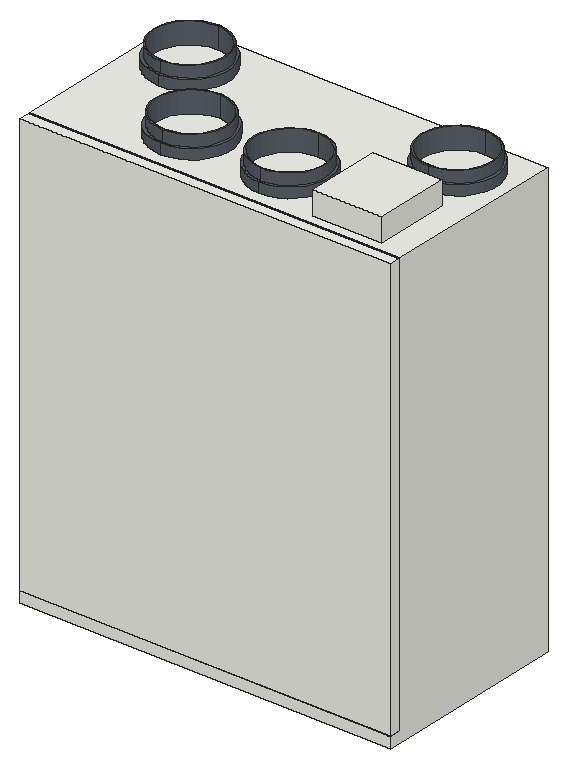
Revit family "Salda Indoor Vertical AHU.Smarty Series", category Mechanical Equipment, Revit 2016
Family settings
  Part Type = Normal
  Round Connector Dimension = Use Diameter
  OmniClass Number = 23.75.35.14.11
  OmniClass Title = Built-Up Indoor Air Handling Units
  Work Plane-Based = Yes
  Always vertical = Yes
  Cut with Voids When Loaded = No
  Shared = No
  Room Calculation Point = No
Parameters (values of type "Smarty 2X V 1.1")
  Voltage = 230 V
  Unit Mass = 39.00 kg
  Type = 2
  Service Zone Width = Overall Width * 1.5  # 474 mm
  L4 = 242 mm
  Power = 670 W
  Overall Width = 316 mm
  Overall Length = 595 mm
  Overall Height = Module Height + Connector Height  # 732 mm
  URL = "http://salda.lt/en/products/item/5637248834"
  Supply Air [instance] = 0.0 m³/h
  Return Air [instance] = 0.0 m³/h
  Module Height = 697 mm
  Model = "Smarty 2X V 1.1"
  Maximum Flow Rate = 211.0 m³/h
  Manufacturer = "Salda"
  Keynote = ""
  L1 = 83 mm
  L3 = 195 mm
  L2 = 82 mm
  Service Zone [instance] = no
  Electrical Box Length = 120 mm
  Drainage Pipe Front Offset = 156 mm
  Default Elevation = 1219.2 mm
  Current = 3.35 A
  Connector Height = 35 mm
  Connector D150 [instance] = no
  Connector D100 [instance] = no
  Connector Back Horizontal Offset = 79 mm
  Connector Diameters [instance] = if(and(Connector D100, Type = 2), 100 mm, if(and(not(Connector D100), Type = 2), 125 mm, if(and(Connector D150, or(Type = 3, Type = 4)), 150 mm, 160 mm)))  # 125 mm
  Connector Front Horizontal Offset = 82 mm
  Drainage Pipe Right Offset = 209 mm
Types (7, lengths in mm): name | Type | Service Zone Width | L4 | Power | Overall Width | Overall Length | Overall Height | URL | Module Height | Model | Maximum Flow Rate | L1 | L3 | L2 | Electrical Box Length | Drainage Pipe Front Offset | Current | Connector Height | Connector Back Horizontal Offset | Connector Diameters | Connector Front Horizontal Offset | Drainage Pipe Right Offset
  (no name) | 2 | 474 | 242 | 670 W | 316 | 595 | 732 | "http://salda.lt/en/products/item/5637248834" | 697 | "Smarty 2X V 1.1" | 211.0 m³/h | 83 | 195 | 82 | 120 | 156 | 3.35 A | 35 | 79 | 125 | 82 | 209
  Smarty 3X V 1.1 | 3 | 807 | 265 | 1370 W | 538 | 599 | 890 | "http://salda.lt/en/products/item/5637251076" | 810 | "Smarty 3X V 1.1" | 445.0 m³/h | 110 | 110 | 113 | 183 | 408 | 6.75 A | 80 | 170 | 160 | 116 | 258
  Smarty 3X V 1.2 | 3 | 807 | 265 | 170 W | 538 | 599 | 890 | "http://salda.lt/en/products/item/5637251077" | 810 | "Smarty 3X V 1.2" | 445.0 m³/h | 110 | 110 | 113 | 183 | 408 | 1.55 A | 80 | 170 | 160 | 116 | 258
  Smarty 4X V 1.1 | 4 | 807 | 265 | 1620 W | 538 | 599 | 890 | "http://salda.lt/en/products/item/5637275829" | 810 | "Smarty 4X V 1.1" | 595.0 m³/h | 110 | 110 | 113 | 183 | 284 | 7.09 A | 80 | 170 | 160 | 116 | 193
  Smarty 4X V 1.2 | 4 | 807 | 265 | 420 W | 538 | 599 | 890 | "http://salda.lt/en/products/item/5637275830" | 810 | "Smarty 4X V 1.2" | 595.0 m³/h | 110 | 110 | 113 | 183 | 284 | 1.89 A | 80 | 170 | 160 | 116 | 193
  Smarty 2X V 1.1 | 2 | 474 | 242 | 670 W | 316 | 595 | 732 | "http://salda.lt/en/products/item/5637248834" | 697 | "Smarty 2X V 1.1" | 211.0 m³/h | 83 | 195 | 82 | 120 | 156 | 3.35 A | 35 | 79 | 125 | 82 | 209
  Smarty 2X V 1.2 | 2 | 474 | 242 | 70 W | 316 | 595 | 732 | "http://salda.lt/en/products/item/5637248835" | 697 | "Smarty 2X V 1.2" | 211.0 m³/h | 83 | 195 | 82 | 120 | 156 | 0.75 A | 35 | 79 | 125 | 82 | 209
Reference planes
  plane 1 "Center (Front/Back)": y = 0
  plane 2: z = 0
  plane 3 "Center (Left/Right)": x = 0
  plane 4 "Left": x = -297.5
  plane 5 "Back": y = 158
  plane 6 "Front": y = -158
  plane 7 "Right": x = 297.5
  plane 8 "Top": z = 697
  plane 9 "Cover": y = -139
  plane 10 "Back Connectors": y = 79
  plane 11 "Front Connectors": y = -57
  plane 12: x = -214.5
  plane 13: x = 215.5
  plane 14: x = -102.5
  plane 15: x = 55.5
  plane 16 "Service Zone": y = -632
Forms (mm)
  Extrusion 1, solid, material "Salda. White Metal Paint"
    sketch origin (-297.5, 0, 0) x (0, 1, 0) y (0, 0, 1)
      loop
        line (-158, 0) -> (158, 0) -> (158, 697) -> (-139, 697) -> (-139, 17) -> (-158, 17) -> (-158, 0)
    from 0 to 595
  Extrusion 2, solid, material "Salda. White Metal Paint"
    sketch origin (-297.5, 0, 0) x (0, 1, 0) y (0, 0, 1)
      loop
        line (-158, 697) -> (-158, 18) -> (-141, 18) -> (-141, 697) -> (-158, 697)
    from 0 to 595
  Extrusion 3, solid, material "Salda. White Metal Paint", detail levels fine
    sketch origin (0, 0, 697) x (-1, 0, 0) y (0, -1, 0)
      loop
        line (-145.5, 3) -> (-145.5, 123) -> (-255.5, 123) -> (-255.5, 3) -> (-145.5, 3)
    from 0 to 38
  Extrusion 4, solid, material "Salda. Service Zone", visible <- "Service Zone"
    sketch origin (-297.5, 0, 0) x (0, 1, 0) y (0, 0, 1)
      loop
        line (-158, 18) -> (-158, 697) -> (-632, 697) -> (-632, 18) -> (-158, 18)
    from 0 to 595
Dimensions and locks
  equal spacing: plane 4 "Left", plane 3 "Center (Left/Right)", plane 7 "Right"
  "Overall Length": plane 4 "Left" to plane 7 "Right"
  equal spacing: plane 5 "Back", plane 1 "Center (Front/Back)", plane 6 "Front"
  "Overall Width": plane 6 "Front" to plane 5 "Back"
  "Module Height": plane 8 "Top" to plane 2
  locked: Extrusion 1 sketch curve to plane 2 at 17
  plane 9 "Cover" to plane 6 "Front" = 19 mm
  locked: Extrusion 2 sketch curve to Extrusion 2 sketch curve at 17
  Extrusion 2 sketch curve to plane 2 = 18 mm
  "L1": plane 4 "Left" to plane 12
  "L2": plane 13 to plane 7 "Right"
  "Connector Front Horizontal Offset": plane 9 "Cover" to plane 11 "Front Connectors"
  "Connector Back Horizontal Offset": plane 5 "Back" to plane 10 "Back Connectors"
  "L3": plane 4 "Left" to plane 14
  "L4": plane 15 to plane 7 "Right"
  plane 2 to Extrusion 2 = 18 mm
  "Drainage Pipe Front Offset": plane 6 "Front" to nested 5
  "Drainage Pipe Right Offset": nested 5 to plane 7 "Right"
  Extrusion 3 sketch curve to plane 7 "Right" = 42 mm
  plane 6 "Front" to Extrusion 3 sketch curve = 35 mm
  "Electrical Box Length": Extrusion 3 sketch curve to Extrusion 3 sketch curve
  plane 15 to Extrusion 3 sketch curve = 90 mm
  "Service Zone Width": plane 16 "Service Zone" to plane 6 "Front"
  Extrusion 4 to plane 2 = 18 mm
  aligned and locked: level to plane 2
  aligned and locked: Extrusion 1 sketch curve to plane 8 "Top"
  aligned and locked: Extrusion 1 sketch curve to plane 5 "Back"
  aligned and locked: level to Extrusion 1 sketch curve
  aligned and locked: Extrusion 1 sketch curve to plane 6 "Front"
  aligned and locked: Extrusion 1 to plane 7 "Right"
  aligned and locked: Extrusion 1 to plane 4 "Left"
  aligned and locked: Extrusion 1 sketch curve to plane 9 "Cover"
  aligned and locked: Extrusion 2 sketch curve to plane 8 "Top"
  aligned and locked: Extrusion 2 sketch curve to plane 6 "Front"
  aligned and locked: Extrusion 2 to plane 7 "Right"
  aligned and locked: Extrusion 2 to plane 4 "Left"
  aligned and locked: nested 1 to plane 12
  aligned and locked: nested 1 to plane 10 "Back Connectors"
  aligned and locked: nested 3 to plane 11 "Front Connectors"
  aligned and locked: nested 4 to plane 11 "Front Connectors"
  aligned and locked: nested 3 to plane 14
  aligned and locked: nested 4 to plane 15
  aligned and locked: nested 2 to plane 10 "Back Connectors"
  aligned and locked: nested 2 to plane 13
  aligned and locked: plane 6 "Front" to Extrusion 4 sketch curve
  aligned and locked: Extrusion 4 sketch curve to plane 8 "Top"
  aligned and locked: Extrusion 4 sketch curve to plane 16 "Service Zone"
Automatic sketch dimensions
  level to Extrusion 4 sketch curve = 18 mm
Nested families
  nested 1: "Duct Connector Vertical" at (-214.5, 79, 697) x (0, -1, 0) z (0, 0, 1), type "Duct Connector Vertical"
    with Top Part Height 18 mm, Connector Radius 62.5 mm, Camera Type 2, Bottom Part Height 16 mm
  nested 2: "Duct Connector Vertical" at (215.5, 79, 697) x (0, -1, 0) z (0, 0, 1), type "Duct Connector Vertical"
    with Top Part Height 18 mm, Connector Radius 62.5 mm, Camera Type 2, Bottom Part Height 16 mm
  nested 3: "Duct Connector Vertical" at (-102.5, -57, 697) x (0, -1, 0) z (0, 0, 1), type "Duct Connector Vertical"
    with Top Part Height 18 mm, Connector Radius 62.5 mm, Camera Type 2, Bottom Part Height 16 mm
  nested 4: "Duct Connector Vertical" at (55.5, -57, 697) x (0, -1, 0) z (0, 0, 1), type "Duct Connector Vertical"
    with Top Part Height 18 mm, Connector Radius 62.5 mm, Camera Type 2, Bottom Part Height 16 mm
  nested 5: "Pipe Connector" at (88.5, -2, 0), type "Pipe Connector", detail levels fine
Connectors
  hvac at (-214.5, 79, 731), driven by "Connector Diameters"
    settings: on nested 1, index 1, duct flow 0.0 m³/h, flow factor 0, pres drop 0.0 Pa, loss coef 0, conn angle 0.00°, conn width 304.8 mm, conn height 304.8 mm, conn diameter 125 mm, duct sys type 4, conn prof type 0, flow config 0, flow direction 1, loss method 0, conn ref index 3, conn util no, is conn primary yes, conn desc "Fresh Air"
  hvac at (-102.5, -57, 731), driven by "Return Air", driven by "Connector Diameters"
    settings: on nested 3, index 2, duct flow 0.0 m³/h, flow factor 0, pres drop 0.0 Pa, loss coef 0, conn angle 0.00°, conn width 304.8 mm, conn height 304.8 mm, conn diameter 125 mm, duct sys type 2, conn prof type 0, flow config 0, flow direction 1, loss method 0, conn ref index 4, conn util no, is conn primary no, conn desc "Extract Air"
  hvac at (55.5, -57, 731), driven by "Supply Air", driven by "Connector Diameters"
    settings: on nested 4, index 3, duct flow 0.0 m³/h, flow factor 0, pres drop 0.0 Pa, loss coef 0, conn angle 0.00°, conn width 304.8 mm, conn height 304.8 mm, conn diameter 125 mm, duct sys type 1, conn prof type 0, flow config 0, flow direction 2, loss method 0, conn ref index 1, conn util no, is conn primary no, conn desc "Supply Air"
  hvac at (215.5, 79, 731), driven by "Connector Diameters"
    settings: on nested 2, index 4, duct flow 0.0 m³/h, flow factor 0, pres drop 0.0 Pa, loss coef 0, conn angle 0.00°, conn width 304.8 mm, conn height 304.8 mm, conn diameter 125 mm, duct sys type 3, conn prof type 0, flow config 0, flow direction 2, loss method 0, conn ref index 2, conn util no, is conn primary no, conn desc "Exhaust Air"
  piping at (88.5, -2, -16.664), diameter 20
    settings: on nested 5, index 5, connector inside diameter 609.6 mm, connector length 0 mm, flow factor 0, pipe flow 0.0 L/s, pressure drop 0.0 Pa, fitting loss kfactor 0, connector angle 0.00°, fixture units 0, engagement length 0 mm, angle of deflection 0.00°, flow configuration 0, flow direction 2, fitting loss method 0, system type 16, joint type 0, gender type 0, connector reference index -1, connector utility 0, adjustable connector no, is connector primary yes, connector description ""
  electrical at (200.5, -63, 735), driven by "Voltage", driven by "Power"
    settings: on Extrusion 3, index 6, voltage 230 V, apparent load 0 VA, apparent load phase1 670 VA, apparent load phase2 0 VA, apparent load phase3 0 VA, power factor 1, load classification "HVAC", number of poles 1, system type 31, power factor state 1, is connector primary yes, connector utility no, sub classification motor no, connector description ""
Definition of nested family "Duct Connector Vertical"
  Parameters (values of type "Duct Connector Vertical")
    Top Part Height = if(or(Camera Type = 3, Camera Type = 4), 42 mm, 18 mm)  # 42 mm
    Default Elevation = 1219.2 mm
    Connector Radius = if(or(Camera Type = 3, Camera Type = 4), 80 mm, 62.5 mm)  # 80 mm
    Camera Type = 3
    Bottom Part Height = if(or(Camera Type = 3, Camera Type = 4), 38 mm, 16 mm)  # 38 mm
  Reference planes
    plane 1 "Center (Front/Back)": y = 0
    plane 2: z = 0
    plane 3 "Center (Left/Right)": x = 0
  Forms (mm)
    Extrusion 1, solid
      sketch origin (0, 0, 0) x (1, 0, 0) y (0, 1, 0)
        loop
          line (-1219.2, 1219.2) -> (-1219.2, -1219.2) -> (1219.2, -1219.2) -> (1219.2, 1219.2) -> (-1219.2, 1219.2)
      from 0 to -304.8
    Revolve 2, solid
      sketch origin (0, 0, 0) x (1, 0, 0) y (0, 0, 1)
        loop
          line (73.5, 0) -> (80, 0) -> (80, 38) -> (75.456, 38) -> (75.456, 80) -> (73.5, 80) -> (73.5, 0)
        axis (0, 80) -> (0, 0)
      angle from 0 to 360
  Dimensions and locks
    "Bottom Part Height": Revolve 2 sketch curve to plane 2
    "Top Part Height": Revolve 2 sketch curve to Revolve 2 sketch curve
    "Connector Radius": Revolve 2 sketch curve to plane 3 "Center (Left/Right)"
    aligned and locked: plane 2 to Extrusion 1
    aligned and locked: level to Extrusion 1
    aligned and locked: plane 2 to Revolve 2
  Automatic sketch dimensions
    Extrusion 1 sketch curve to Extrusion 1 sketch curve = 2438.4 mm  (x2)
    Revolve 2 sketch curve to plane 3 "Center (Left/Right)" = 0 mm
    Revolve 2 sketch curve to level = 0 mm
    Revolve 2 sketch curve to Revolve 2 sketch curve = 6.5 mm
    Revolve 2 sketch curve to Revolve 2 sketch curve = 1.956 mm
    Revolve 2 sketch curve to level = 609.6 mm
    Revolve 2 sketch curve to Revolve 2 sketch curve = 2530.914 mm
Definition of nested family "Pipe Connector"
  Reference planes
    plane 1 "Center (Front/Back)": y = 0
    plane 2: z = 0
    plane 3 "Center (Left/Right)": x = 0
  Forms (mm)
    Revolve 1, solid
      sketch origin (0, 0, 0) x (0, 0, -1) y (-1, 0, 0)
        loop
          line (0, 0) -> (0, -11.588) -> (16.664, -11.588) -> (16.664, -9.539) -> (1.664, -9.539) -> (1.664, 0) -> (0, 0)
        axis (0, 0) -> (16.664, 0)
      angle from 0 to 360
  Dimensions and locks
    aligned and locked: level to plane 2
